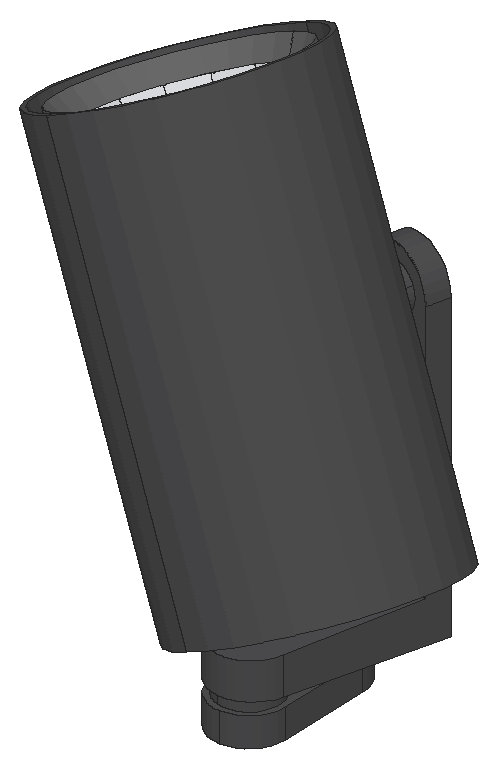
Revit family "Canilo", category Lighting Fixtures, host Face, Revit 2017 (continued)
Types (810, lengths in mm): name | system luminous flux | TK_Optic | TK_Body | System performance | SEO | ProductDataSheet | Mat | Luminaire colour | Lumen category | Lighting technology | Light colour | Lamp | IESFile | Cover / filter | CRI | Beam angle | Apparent Load
  CANILO  3P 01 LED4000-827 WFL-c ETDD 01 | 3395 lm | "10147535" | "10161685" | 32 VA | Oktalite_Canilo_WH2700 | "http://www.oktalite.com/datasheet_print.php?language=EN&productid=63&lampid=91" | Oktalite_Alu_RAL_9016 | "RAL 9016 traffic white" | "4000 lm" | "LED IQ" | "2700 K" | "LED IQ" | "CANILO_LED IQ_WFL.ies" | "clear" | "82" | "Wide Flood" | 32 VA
  CANILO  3P 01 LED4000-827 WFL  ETDD 01 | 3395 lm | "10147501" | "10161685" | 32 VA | Oktalite_Canilo_WH2700 | "http://www.oktalite.com/datasheet_print.php?language=EN&productid=63&lampid=91" | Oktalite_Alu_RAL_9016 | "RAL 9016 traffic white" | "4000 lm" | "LED IQ" | "2700 K" | "LED IQ" | "CANILO_LED IQ_WFL.ies" | "without" | "82" | "Wide Flood" | 32 VA
  CANILO  3P 01 LED4000-827 FL-c ETDD 01 | 3395 lm | "10127064" | "10161685" | 32 VA | Oktalite_Canilo_WH2700 | "http://www.oktalite.com/datasheet_print.php?language=EN&productid=63&lampid=91" | Oktalite_Alu_RAL_9016 | "RAL 9016 traffic white" | "4000 lm" | "LED IQ" | "2700 K" | "LED IQ" | "CANILO_LED IQ_FL.ies" | "clear" | "82" | "Flood" | 32 VA
  CANILO  3P 01 LED4000-827 FL  ETDD 01 | 3395 lm | "10125196" | "10161685" | 32 VA | Oktalite_Canilo_WH2700 | "http://www.oktalite.com/datasheet_print.php?language=EN&productid=63&lampid=91" | Oktalite_Alu_RAL_9016 | "RAL 9016 traffic white" | "4000 lm" | "LED IQ" | "2700 K" | "LED IQ" | "CANILO_LED IQ_FL.ies" | "without" | "82" | "Flood" | 32 VA
  CANILO  3P 01 LED4000-827 MF-c ETDD 01 | 3395 lm | "10127063" | "10161685" | 32 VA | Oktalite_Canilo_WH2700 | "http://www.oktalite.com/datasheet_print.php?language=EN&productid=63&lampid=91" | Oktalite_Alu_RAL_9016 | "RAL 9016 traffic white" | "4000 lm" | "LED IQ" | "2700 K" | "LED IQ" | "CANILO_LED IQ_MF.ies" | "clear" | "82" | "Medium Flood" | 32 VA
  CANILO  3P 01 LED4000-827 MF  ETDD 01 | 3395 lm | "10125193" | "10161685" | 32 VA | Oktalite_Canilo_WH2700 | "http://www.oktalite.com/datasheet_print.php?language=EN&productid=63&lampid=91" | Oktalite_Alu_RAL_9016 | "RAL 9016 traffic white" | "4000 lm" | "LED IQ" | "2700 K" | "LED IQ" | "CANILO_LED IQ_MF.ies" | "without" | "82" | "Medium Flood" | 32 VA
  CANILO  3P 01 LED4000-827 SP-c ETDD 01 | 3395 lm | "10127062" | "10161685" | 32 VA | Oktalite_Canilo_WH2700 | "http://www.oktalite.com/datasheet_print.php?language=EN&productid=63&lampid=91" | Oktalite_Alu_RAL_9016 | "RAL 9016 traffic white" | "4000 lm" | "LED IQ" | "2700 K" | "LED IQ" | "CANILO_LED IQ_SP.ies" | "clear" | "82" | "Spot" | 32 VA
  CANILO  3P 01 LED4000-827 SP  ETDD 01 | 3395 lm | "10125190" | "10161685" | 32 VA | Oktalite_Canilo_WH2700 | "http://www.oktalite.com/datasheet_print.php?language=EN&productid=63&lampid=91" | Oktalite_Alu_RAL_9016 | "RAL 9016 traffic white" | "4000 lm" | "LED IQ" | "2700 K" | "LED IQ" | "CANILO_LED IQ_SP.ies" | "without" | "82" | "Spot" | 32 VA
  CANILO  3P 05 LED1500-M VFL-c ET 05 | 1500 lm | "10147536" | "10161293" | 24 VA | Oktalite_Canilo_WH3100 | "http://www.oktalite.com/datasheet_print.php?language=EN&productid=63&lampid=81" | Oktalite_Alu_RAL_9005 | "RAL 9005 jet black" | "1500 lm" | "LED" | "M" | "LED" | "CANILO_LED_VFL.ies" | "clear" | "-" | "Very Wide Flood" | 24 VA
  CANILO  3P 05 LED1500-M VFL  ET 05 | 1500 lm | "10147502" | "10161293" | 24 VA | Oktalite_Canilo_WH3100 | "http://www.oktalite.com/datasheet_print.php?language=EN&productid=63&lampid=81" | Oktalite_Alu_RAL_9005 | "RAL 9005 jet black" | "1500 lm" | "LED" | "M" | "LED" | "CANILO_LED_VFL.ies" | "without" | "-" | "Very Wide Flood" | 24 VA
  CANILO  3P 05 LED1500-M WFL-c ET 05 | 1500 lm | "10147535" | "10161293" | 24 VA | Oktalite_Canilo_WH3100 | "http://www.oktalite.com/datasheet_print.php?language=EN&productid=63&lampid=81" | Oktalite_Alu_RAL_9005 | "RAL 9005 jet black" | "1500 lm" | "LED" | "M" | "LED" | "CANILO_LED_WFL.ies" | "clear" | "-" | "Wide Flood" | 24 VA
  CANILO  3P 05 LED1500-M WFL  ET 05 | 1500 lm | "10147501" | "10161293" | 24 VA | Oktalite_Canilo_WH3100 | "http://www.oktalite.com/datasheet_print.php?language=EN&productid=63&lampid=81" | Oktalite_Alu_RAL_9005 | "RAL 9005 jet black" | "1500 lm" | "LED" | "M" | "LED" | "CANILO_LED_WFL.ies" | "without" | "-" | "Wide Flood" | 24 VA
  CANILO  3P 05 LED1500-M FL-c ET 05 | 1500 lm | "10127064" | "10161293" | 24 VA | Oktalite_Canilo_WH3100 | "http://www.oktalite.com/datasheet_print.php?language=EN&productid=63&lampid=81" | Oktalite_Alu_RAL_9005 | "RAL 9005 jet black" | "1500 lm" | "LED" | "M" | "LED" | "CANILO_LED_FL.ies" | "clear" | "-" | "Flood" | 24 VA
  CANILO  3P 05 LED1500-M FL  ET 05 | 1500 lm | "10125196" | "10161293" | 24 VA | Oktalite_Canilo_WH3100 | "http://www.oktalite.com/datasheet_print.php?language=EN&productid=63&lampid=81" | Oktalite_Alu_RAL_9005 | "RAL 9005 jet black" | "1500 lm" | "LED" | "M" | "LED" | "CANILO_LED_FL.ies" | "without" | "-" | "Flood" | 24 VA
  CANILO  3P 05 LED1500-M MF-c ET 05 | 1500 lm | "10127063" | "10161293" | 24 VA | Oktalite_Canilo_WH3100 | "http://www.oktalite.com/datasheet_print.php?language=EN&productid=63&lampid=81" | Oktalite_Alu_RAL_9005 | "RAL 9005 jet black" | "1500 lm" | "LED" | "M" | "LED" | "CANILO_LED_MF.ies" | "clear" | "-" | "Medium Flood" | 24 VA
  CANILO  3P 05 LED1500-M MF  ET 05 | 1500 lm | "10125193" | "10161293" | 24 VA | Oktalite_Canilo_WH3100 | "http://www.oktalite.com/datasheet_print.php?language=EN&productid=63&lampid=81" | Oktalite_Alu_RAL_9005 | "RAL 9005 jet black" | "1500 lm" | "LED" | "M" | "LED" | "CANILO_LED_MF.ies" | "without" | "-" | "Medium Flood" | 24 VA
  CANILO  3P 05 LED1500-M SP-c ET 05 | 1500 lm | "10127062" | "10161293" | 24 VA | Oktalite_Canilo_WH3100 | "http://www.oktalite.com/datasheet_print.php?language=EN&productid=63&lampid=81" | Oktalite_Alu_RAL_9005 | "RAL 9005 jet black" | "1500 lm" | "LED" | "M" | "LED" | "CANILO_LED_SP.ies" | "clear" | "-" | "Spot" | 24 VA
  CANILO  3P 05 LED1500-M SP  ET 05 | 1500 lm | "10125190" | "10161293" | 24 VA | Oktalite_Canilo_WH3100 | "http://www.oktalite.com/datasheet_print.php?language=EN&productid=63&lampid=81" | Oktalite_Alu_RAL_9005 | "RAL 9005 jet black" | "1500 lm" | "LED" | "M" | "LED" | "CANILO_LED_SP.ies" | "without" | "-" | "Spot" | 24 VA
  CANILO  3P 05 LED1500-M VFL-c ET 03 | 1500 lm | "10147536" | "10161292" | 24 VA | Oktalite_Canilo_WH3100 | "http://www.oktalite.com/datasheet_print.php?language=EN&productid=63&lampid=81" | Oktalite_Alu_RAL_9006 | "RAL 9006 white aluminium" | "1500 lm" | "LED" | "M" | "LED" | "CANILO_LED_VFL.ies" | "clear" | "-" | "Very Wide Flood" | 24 VA
  CANILO  3P 05 LED1500-M VFL  ET 03 | 1500 lm | "10147502" | "10161292" | 24 VA | Oktalite_Canilo_WH3100 | "http://www.oktalite.com/datasheet_print.php?language=EN&productid=63&lampid=81" | Oktalite_Alu_RAL_9006 | "RAL 9006 white aluminium" | "1500 lm" | "LED" | "M" | "LED" | "CANILO_LED_VFL.ies" | "without" | "-" | "Very Wide Flood" | 24 VA
  CANILO  3P 05 LED1500-M WFL-c ET 03 | 1500 lm | "10147535" | "10161292" | 24 VA | Oktalite_Canilo_WH3100 | "http://www.oktalite.com/datasheet_print.php?language=EN&productid=63&lampid=81" | Oktalite_Alu_RAL_9006 | "RAL 9006 white aluminium" | "1500 lm" | "LED" | "M" | "LED" | "CANILO_LED_WFL.ies" | "clear" | "-" | "Wide Flood" | 24 VA
  CANILO  3P 05 LED1500-M WFL  ET 03 | 1500 lm | "10147501" | "10161292" | 24 VA | Oktalite_Canilo_WH3100 | "http://www.oktalite.com/datasheet_print.php?language=EN&productid=63&lampid=81" | Oktalite_Alu_RAL_9006 | "RAL 9006 white aluminium" | "1500 lm" | "LED" | "M" | "LED" | "CANILO_LED_WFL.ies" | "without" | "-" | "Wide Flood" | 24 VA
  CANILO  3P 05 LED1500-M FL-c ET 03 | 1500 lm | "10127064" | "10161292" | 24 VA | Oktalite_Canilo_WH3100 | "http://www.oktalite.com/datasheet_print.php?language=EN&productid=63&lampid=81" | Oktalite_Alu_RAL_9006 | "RAL 9006 white aluminium" | "1500 lm" | "LED" | "M" | "LED" | "CANILO_LED_FL.ies" | "clear" | "-" | "Flood" | 24 VA
  CANILO  3P 05 LED1500-M FL  ET 03 | 1500 lm | "10125196" | "10161292" | 24 VA | Oktalite_Canilo_WH3100 | "http://www.oktalite.com/datasheet_print.php?language=EN&productid=63&lampid=81" | Oktalite_Alu_RAL_9006 | "RAL 9006 white aluminium" | "1500 lm" | "LED" | "M" | "LED" | "CANILO_LED_FL.ies" | "without" | "-" | "Flood" | 24 VA
  CANILO  3P 05 LED1500-M MF-c ET 03 | 1500 lm | "10127063" | "10161292" | 24 VA | Oktalite_Canilo_WH3100 | "http://www.oktalite.com/datasheet_print.php?language=EN&productid=63&lampid=81" | Oktalite_Alu_RAL_9006 | "RAL 9006 white aluminium" | "1500 lm" | "LED" | "M" | "LED" | "CANILO_LED_MF.ies" | "clear" | "-" | "Medium Flood" | 24 VA
  CANILO  3P 05 LED1500-M MF  ET 03 | 1500 lm | "10125193" | "10161292" | 24 VA | Oktalite_Canilo_WH3100 | "http://www.oktalite.com/datasheet_print.php?language=EN&productid=63&lampid=81" | Oktalite_Alu_RAL_9006 | "RAL 9006 white aluminium" | "1500 lm" | "LED" | "M" | "LED" | "CANILO_LED_MF.ies" | "without" | "-" | "Medium Flood" | 24 VA
  CANILO  3P 05 LED1500-M SP-c ET 03 | 1500 lm | "10127062" | "10161292" | 24 VA | Oktalite_Canilo_WH3100 | "http://www.oktalite.com/datasheet_print.php?language=EN&productid=63&lampid=81" | Oktalite_Alu_RAL_9006 | "RAL 9006 white aluminium" | "1500 lm" | "LED" | "M" | "LED" | "CANILO_LED_SP.ies" | "clear" | "-" | "Spot" | 24 VA
  CANILO  3P 05 LED1500-M SP  ET 03 | 1500 lm | "10125190" | "10161292" | 24 VA | Oktalite_Canilo_WH3100 | "http://www.oktalite.com/datasheet_print.php?language=EN&productid=63&lampid=81" | Oktalite_Alu_RAL_9006 | "RAL 9006 white aluminium" | "1500 lm" | "LED" | "M" | "LED" | "CANILO_LED_SP.ies" | "without" | "-" | "Spot" | 24 VA
  CANILO  3P 01 LED1500-M VFL-c ET 01 | 1500 lm | "10147536" | "10161291" | 24 VA | Oktalite_Canilo_WH3100 | "http://www.oktalite.com/datasheet_print.php?language=EN&productid=63&lampid=81" | Oktalite_Alu_RAL_9016 | "RAL 9016 traffic white" | "1500 lm" | "LED" | "M" | "LED" | "CANILO_LED_VFL.ies" | "clear" | "-" | "Very Wide Flood" | 24 VA
  CANILO  3P 01 LED1500-M VFL  ET 01 | 1500 lm | "10147502" | "10161291" | 24 VA | Oktalite_Canilo_WH3100 | "http://www.oktalite.com/datasheet_print.php?language=EN&productid=63&lampid=81" | Oktalite_Alu_RAL_9016 | "RAL 9016 traffic white" | "1500 lm" | "LED" | "M" | "LED" | "CANILO_LED_VFL.ies" | "without" | "-" | "Very Wide Flood" | 24 VA
  CANILO  3P 01 LED1500-M WFL-c ET 01 | 1500 lm | "10147535" | "10161291" | 24 VA | Oktalite_Canilo_WH3100 | "http://www.oktalite.com/datasheet_print.php?language=EN&productid=63&lampid=81" | Oktalite_Alu_RAL_9016 | "RAL 9016 traffic white" | "1500 lm" | "LED" | "M" | "LED" | "CANILO_LED_WFL.ies" | "clear" | "-" | "Wide Flood" | 24 VA
  CANILO  3P 01 LED1500-M WFL  ET 01 | 1500 lm | "10147501" | "10161291" | 24 VA | Oktalite_Canilo_WH3100 | "http://www.oktalite.com/datasheet_print.php?language=EN&productid=63&lampid=81" | Oktalite_Alu_RAL_9016 | "RAL 9016 traffic white" | "1500 lm" | "LED" | "M" | "LED" | "CANILO_LED_WFL.ies" | "without" | "-" | "Wide Flood" | 24 VA
  CANILO  3P 01 LED1500-M FL-c ET 01 | 1500 lm | "10127064" | "10161291" | 24 VA | Oktalite_Canilo_WH3100 | "http://www.oktalite.com/datasheet_print.php?language=EN&productid=63&lampid=81" | Oktalite_Alu_RAL_9016 | "RAL 9016 traffic white" | "1500 lm" | "LED" | "M" | "LED" | "CANILO_LED_FL.ies" | "clear" | "-" | "Flood" | 24 VA
  CANILO  3P 01 LED1500-M FL  ET 01 | 1500 lm | "10125196" | "10161291" | 24 VA | Oktalite_Canilo_WH3100 | "http://www.oktalite.com/datasheet_print.php?language=EN&productid=63&lampid=81" | Oktalite_Alu_RAL_9016 | "RAL 9016 traffic white" | "1500 lm" | "LED" | "M" | "LED" | "CANILO_LED_FL.ies" | "without" | "-" | "Flood" | 24 VA
  CANILO  3P 01 LED1500-M MF-c ET 01 | 1500 lm | "10127063" | "10161291" | 24 VA | Oktalite_Canilo_WH3100 | "http://www.oktalite.com/datasheet_print.php?language=EN&productid=63&lampid=81" | Oktalite_Alu_RAL_9016 | "RAL 9016 traffic white" | "1500 lm" | "LED" | "M" | "LED" | "CANILO_LED_MF.ies" | "clear" | "-" | "Medium Flood" | 24 VA
  CANILO  3P 01 LED1500-M MF  ET 01 | 1500 lm | "10125193" | "10161291" | 24 VA | Oktalite_Canilo_WH3100 | "http://www.oktalite.com/datasheet_print.php?language=EN&productid=63&lampid=81" | Oktalite_Alu_RAL_9016 | "RAL 9016 traffic white" | "1500 lm" | "LED" | "M" | "LED" | "CANILO_LED_MF.ies" | "without" | "-" | "Medium Flood" | 24 VA
  CANILO  3P 01 LED1500-M SP-c ET 01 | 1500 lm | "10127062" | "10161291" | 24 VA | Oktalite_Canilo_WH3100 | "http://www.oktalite.com/datasheet_print.php?language=EN&productid=63&lampid=81" | Oktalite_Alu_RAL_9016 | "RAL 9016 traffic white" | "1500 lm" | "LED" | "M" | "LED" | "CANILO_LED_SP.ies" | "clear" | "-" | "Spot" | 24 VA
  CANILO  3P 01 LED1500-M SP  ET 01 | 1500 lm | "10125190" | "10161291" | 24 VA | Oktalite_Canilo_WH3100 | "http://www.oktalite.com/datasheet_print.php?language=EN&productid=63&lampid=81" | Oktalite_Alu_RAL_9016 | "RAL 9016 traffic white" | "1500 lm" | "LED" | "M" | "LED" | "CANILO_LED_SP.ies" | "without" | "-" | "Spot" | 24 VA
  CANILO  3P 05 LED1500-M+F VFL-c ET 05 | 1415 lm | "10147536" | "10161302" | 24 VA | Oktalite_Canilo_WH3100 | "http://www.oktalite.com/datasheet_print.php?language=EN&productid=63&lampid=81" | Oktalite_Alu_RAL_9005 | "RAL 9005 jet black" | "1500 lm" | "LED" | "M+F" | "LED" | "CANILO_LED_VFL.ies" | "clear" | "-" | "Very Wide Flood" | 24 VA
  CANILO  3P 05 LED1500-M+F VFL  ET 05 | 1415 lm | "10147502" | "10161302" | 24 VA | Oktalite_Canilo_WH3100 | "http://www.oktalite.com/datasheet_print.php?language=EN&productid=63&lampid=81" | Oktalite_Alu_RAL_9005 | "RAL 9005 jet black" | "1500 lm" | "LED" | "M+F" | "LED" | "CANILO_LED_VFL.ies" | "without" | "-" | "Very Wide Flood" | 24 VA
  CANILO  3P 05 LED1500-M+F WFL-c ET 05 | 1415 lm | "10147535" | "10161302" | 24 VA | Oktalite_Canilo_WH3100 | "http://www.oktalite.com/datasheet_print.php?language=EN&productid=63&lampid=81" | Oktalite_Alu_RAL_9005 | "RAL 9005 jet black" | "1500 lm" | "LED" | "M+F" | "LED" | "CANILO_LED_WFL.ies" | "clear" | "-" | "Wide Flood" | 24 VA
  CANILO  3P 05 LED1500-M+F WFL  ET 05 | 1415 lm | "10147501" | "10161302" | 24 VA | Oktalite_Canilo_WH3100 | "http://www.oktalite.com/datasheet_print.php?language=EN&productid=63&lampid=81" | Oktalite_Alu_RAL_9005 | "RAL 9005 jet black" | "1500 lm" | "LED" | "M+F" | "LED" | "CANILO_LED_WFL.ies" | "without" | "-" | "Wide Flood" | 24 VA
  CANILO  3P 05 LED1500-M+F FL-c ET 05 | 1415 lm | "10127064" | "10161302" | 24 VA | Oktalite_Canilo_WH3100 | "http://www.oktalite.com/datasheet_print.php?language=EN&productid=63&lampid=81" | Oktalite_Alu_RAL_9005 | "RAL 9005 jet black" | "1500 lm" | "LED" | "M+F" | "LED" | "CANILO_LED_FL.ies" | "clear" | "-" | "Flood" | 24 VA
  CANILO  3P 05 LED1500-M+F FL  ET 05 | 1415 lm | "10125196" | "10161302" | 24 VA | Oktalite_Canilo_WH3100 | "http://www.oktalite.com/datasheet_print.php?language=EN&productid=63&lampid=81" | Oktalite_Alu_RAL_9005 | "RAL 9005 jet black" | "1500 lm" | "LED" | "M+F" | "LED" | "CANILO_LED_FL.ies" | "without" | "-" | "Flood" | 24 VA
  CANILO  3P 05 LED1500-M+F MF-c ET 05 | 1415 lm | "10127063" | "10161302" | 24 VA | Oktalite_Canilo_WH3100 | "http://www.oktalite.com/datasheet_print.php?language=EN&productid=63&lampid=81" | Oktalite_Alu_RAL_9005 | "RAL 9005 jet black" | "1500 lm" | "LED" | "M+F" | "LED" | "CANILO_LED_MF.ies" | "clear" | "-" | "Medium Flood" | 24 VA
  CANILO  3P 05 LED1500-M+F MF  ET 05 | 1415 lm | "10125193" | "10161302" | 24 VA | Oktalite_Canilo_WH3100 | "http://www.oktalite.com/datasheet_print.php?language=EN&productid=63&lampid=81" | Oktalite_Alu_RAL_9005 | "RAL 9005 jet black" | "1500 lm" | "LED" | "M+F" | "LED" | "CANILO_LED_MF.ies" | "without" | "-" | "Medium Flood" | 24 VA
  CANILO  3P 05 LED1500-M+F SP-c ET 05 | 1415 lm | "10127062" | "10161302" | 24 VA | Oktalite_Canilo_WH3100 | "http://www.oktalite.com/datasheet_print.php?language=EN&productid=63&lampid=81" | Oktalite_Alu_RAL_9005 | "RAL 9005 jet black" | "1500 lm" | "LED" | "M+F" | "LED" | "CANILO_LED_SP.ies" | "clear" | "-" | "Spot" | 24 VA
  CANILO  3P 05 LED1500-M+F SP  ET 05 | 1415 lm | "10125190" | "10161302" | 24 VA | Oktalite_Canilo_WH3100 | "http://www.oktalite.com/datasheet_print.php?language=EN&productid=63&lampid=81" | Oktalite_Alu_RAL_9005 | "RAL 9005 jet black" | "1500 lm" | "LED" | "M+F" | "LED" | "CANILO_LED_SP.ies" | "without" | "-" | "Spot" | 24 VA
  CANILO  3P 05 LED1500-M+F VFL-c ET 03 | 1415 lm | "10147536" | "10161301" | 24 VA | Oktalite_Canilo_WH3100 | "http://www.oktalite.com/datasheet_print.php?language=EN&productid=63&lampid=81" | Oktalite_Alu_RAL_9006 | "RAL 9006 white aluminium" | "1500 lm" | "LED" | "M+F" | "LED" | "CANILO_LED_VFL.ies" | "clear" | "-" | "Very Wide Flood" | 24 VA
  CANILO  3P 05 LED1500-M+F VFL  ET 03 | 1415 lm | "10147502" | "10161301" | 24 VA | Oktalite_Canilo_WH3100 | "http://www.oktalite.com/datasheet_print.php?language=EN&productid=63&lampid=81" | Oktalite_Alu_RAL_9006 | "RAL 9006 white aluminium" | "1500 lm" | "LED" | "M+F" | "LED" | "CANILO_LED_VFL.ies" | "without" | "-" | "Very Wide Flood" | 24 VA
  CANILO  3P 05 LED1500-M+F WFL-c ET 03 | 1415 lm | "10147535" | "10161301" | 24 VA | Oktalite_Canilo_WH3100 | "http://www.oktalite.com/datasheet_print.php?language=EN&productid=63&lampid=81" | Oktalite_Alu_RAL_9006 | "RAL 9006 white aluminium" | "1500 lm" | "LED" | "M+F" | "LED" | "CANILO_LED_WFL.ies" | "clear" | "-" | "Wide Flood" | 24 VA
  CANILO  3P 05 LED1500-M+F WFL  ET 03 | 1415 lm | "10147501" | "10161301" | 24 VA | Oktalite_Canilo_WH3100 | "http://www.oktalite.com/datasheet_print.php?language=EN&productid=63&lampid=81" | Oktalite_Alu_RAL_9006 | "RAL 9006 white aluminium" | "1500 lm" | "LED" | "M+F" | "LED" | "CANILO_LED_WFL.ies" | "without" | "-" | "Wide Flood" | 24 VA
  CANILO  3P 05 LED1500-M+F FL-c ET 03 | 1415 lm | "10127064" | "10161301" | 24 VA | Oktalite_Canilo_WH3100 | "http://www.oktalite.com/datasheet_print.php?language=EN&productid=63&lampid=81" | Oktalite_Alu_RAL_9006 | "RAL 9006 white aluminium" | "1500 lm" | "LED" | "M+F" | "LED" | "CANILO_LED_FL.ies" | "clear" | "-" | "Flood" | 24 VA
  CANILO  3P 05 LED1500-M+F FL  ET 03 | 1415 lm | "10125196" | "10161301" | 24 VA | Oktalite_Canilo_WH3100 | "http://www.oktalite.com/datasheet_print.php?language=EN&productid=63&lampid=81" | Oktalite_Alu_RAL_9006 | "RAL 9006 white aluminium" | "1500 lm" | "LED" | "M+F" | "LED" | "CANILO_LED_FL.ies" | "without" | "-" | "Flood" | 24 VA
  CANILO  3P 05 LED1500-M+F MF-c ET 03 | 1415 lm | "10127063" | "10161301" | 24 VA | Oktalite_Canilo_WH3100 | "http://www.oktalite.com/datasheet_print.php?language=EN&productid=63&lampid=81" | Oktalite_Alu_RAL_9006 | "RAL 9006 white aluminium" | "1500 lm" | "LED" | "M+F" | "LED" | "CANILO_LED_MF.ies" | "clear" | "-" | "Medium Flood" | 24 VA
  CANILO  3P 05 LED1500-M+F MF  ET 03 | 1415 lm | "10125193" | "10161301" | 24 VA | Oktalite_Canilo_WH3100 | "http://www.oktalite.com/datasheet_print.php?language=EN&productid=63&lampid=81" | Oktalite_Alu_RAL_9006 | "RAL 9006 white aluminium" | "1500 lm" | "LED" | "M+F" | "LED" | "CANILO_LED_MF.ies" | "without" | "-" | "Medium Flood" | 24 VA
  CANILO  3P 05 LED1500-M+F SP-c ET 03 | 1415 lm | "10127062" | "10161301" | 24 VA | Oktalite_Canilo_WH3100 | "http://www.oktalite.com/datasheet_print.php?language=EN&productid=63&lampid=81" | Oktalite_Alu_RAL_9006 | "RAL 9006 white aluminium" | "1500 lm" | "LED" | "M+F" | "LED" | "CANILO_LED_SP.ies" | "clear" | "-" | "Spot" | 24 VA
  CANILO  3P 05 LED1500-M+F SP  ET 03 | 1415 lm | "10125190" | "10161301" | 24 VA | Oktalite_Canilo_WH3100 | "http://www.oktalite.com/datasheet_print.php?language=EN&productid=63&lampid=81" | Oktalite_Alu_RAL_9006 | "RAL 9006 white aluminium" | "1500 lm" | "LED" | "M+F" | "LED" | "CANILO_LED_SP.ies" | "without" | "-" | "Spot" | 24 VA
  CANILO  3P 01 LED1500-M+F VFL-c ET 01 | 1415 lm | "10147536" | "10161300" | 24 VA | Oktalite_Canilo_WH3100 | "http://www.oktalite.com/datasheet_print.php?language=EN&productid=63&lampid=81" | Oktalite_Alu_RAL_9016 | "RAL 9016 traffic white" | "1500 lm" | "LED" | "M+F" | "LED" | "CANILO_LED_VFL.ies" | "clear" | "-" | "Very Wide Flood" | 24 VA
  CANILO  3P 01 LED1500-M+F VFL  ET 01 | 1415 lm | "10147502" | "10161300" | 24 VA | Oktalite_Canilo_WH3100 | "http://www.oktalite.com/datasheet_print.php?language=EN&productid=63&lampid=81" | Oktalite_Alu_RAL_9016 | "RAL 9016 traffic white" | "1500 lm" | "LED" | "M+F" | "LED" | "CANILO_LED_VFL.ies" | "without" | "-" | "Very Wide Flood" | 24 VA
  CANILO  3P 01 LED1500-M+F WFL-c ET 01 | 1415 lm | "10147535" | "10161300" | 24 VA | Oktalite_Canilo_WH3100 | "http://www.oktalite.com/datasheet_print.php?language=EN&productid=63&lampid=81" | Oktalite_Alu_RAL_9016 | "RAL 9016 traffic white" | "1500 lm" | "LED" | "M+F" | "LED" | "CANILO_LED_WFL.ies" | "clear" | "-" | "Wide Flood" | 24 VA
  CANILO  3P 01 LED1500-M+F WFL  ET 01 | 1415 lm | "10147501" | "10161300" | 24 VA | Oktalite_Canilo_WH3100 | "http://www.oktalite.com/datasheet_print.php?language=EN&productid=63&lampid=81" | Oktalite_Alu_RAL_9016 | "RAL 9016 traffic white" | "1500 lm" | "LED" | "M+F" | "LED" | "CANILO_LED_WFL.ies" | "without" | "-" | "Wide Flood" | 24 VA
  CANILO  3P 01 LED1500-M+F FL-c ET 01 | 1415 lm | "10127064" | "10161300" | 24 VA | Oktalite_Canilo_WH3100 | "http://www.oktalite.com/datasheet_print.php?language=EN&productid=63&lampid=81" | Oktalite_Alu_RAL_9016 | "RAL 9016 traffic white" | "1500 lm" | "LED" | "M+F" | "LED" | "CANILO_LED_FL.ies" | "clear" | "-" | "Flood" | 24 VA
  CANILO  3P 01 LED1500-M+F FL  ET 01 | 1415 lm | "10125196" | "10161300" | 24 VA | Oktalite_Canilo_WH3100 | "http://www.oktalite.com/datasheet_print.php?language=EN&productid=63&lampid=81" | Oktalite_Alu_RAL_9016 | "RAL 9016 traffic white" | "1500 lm" | "LED" | "M+F" | "LED" | "CANILO_LED_FL.ies" | "without" | "-" | "Flood" | 24 VA
  CANILO  3P 01 LED1500-M+F MF-c ET 01 | 1415 lm | "10127063" | "10161300" | 24 VA | Oktalite_Canilo_WH3100 | "http://www.oktalite.com/datasheet_print.php?language=EN&productid=63&lampid=81" | Oktalite_Alu_RAL_9016 | "RAL 9016 traffic white" | "1500 lm" | "LED" | "M+F" | "LED" | "CANILO_LED_MF.ies" | "clear" | "-" | "Medium Flood" | 24 VA
  CANILO  3P 01 LED1500-M+F MF  ET 01 | 1415 lm | "10125193" | "10161300" | 24 VA | Oktalite_Canilo_WH3100 | "http://www.oktalite.com/datasheet_print.php?language=EN&productid=63&lampid=81" | Oktalite_Alu_RAL_9016 | "RAL 9016 traffic white" | "1500 lm" | "LED" | "M+F" | "LED" | "CANILO_LED_MF.ies" | "without" | "-" | "Medium Flood" | 24 VA
  CANILO  3P 01 LED1500-M+F SP-c ET 01 | 1415 lm | "10127062" | "10161300" | 24 VA | Oktalite_Canilo_WH3100 | "http://www.oktalite.com/datasheet_print.php?language=EN&productid=63&lampid=81" | Oktalite_Alu_RAL_9016 | "RAL 9016 traffic white" | "1500 lm" | "LED" | "M+F" | "LED" | "CANILO_LED_SP.ies" | "clear" | "-" | "Spot" | 24 VA
  CANILO  3P 01 LED1500-M+F SP  ET 01 | 1415 lm | "10125190" | "10161300" | 24 VA | Oktalite_Canilo_WH3100 | "http://www.oktalite.com/datasheet_print.php?language=EN&productid=63&lampid=81" | Oktalite_Alu_RAL_9016 | "RAL 9016 traffic white" | "1500 lm" | "LED" | "M+F" | "LED" | "CANILO_LED_SP.ies" | "without" | "-" | "Spot" | 24 VA
  CANILO  3P 05 LED2000-M VFL-c ET 05 | 1890 lm | "10147536" | "10161296" | 31 VA | Oktalite_Canilo_WH3100 | "http://www.oktalite.com/datasheet_print.php?language=EN&productid=63&lampid=81" | Oktalite_Alu_RAL_9005 | "RAL 9005 jet black" | "2000 lm" | "LED" | "M" | "LED" | "CANILO_LED_VFL.ies" | "clear" | "-" | "Very Wide Flood" | 31 VA
  CANILO  3P 05 LED2000-M VFL  ET 05 | 1890 lm | "10147502" | "10161296" | 31 VA | Oktalite_Canilo_WH3100 | "http://www.oktalite.com/datasheet_print.php?language=EN&productid=63&lampid=81" | Oktalite_Alu_RAL_9005 | "RAL 9005 jet black" | "2000 lm" | "LED" | "M" | "LED" | "CANILO_LED_VFL.ies" | "without" | "-" | "Very Wide Flood" | 31 VA
  CANILO  3P 05 LED2000-M WFL-c ET 05 | 1890 lm | "10147535" | "10161296" | 31 VA | Oktalite_Canilo_WH3100 | "http://www.oktalite.com/datasheet_print.php?language=EN&productid=63&lampid=81" | Oktalite_Alu_RAL_9005 | "RAL 9005 jet black" | "2000 lm" | "LED" | "M" | "LED" | "CANILO_LED_WFL.ies" | "clear" | "-" | "Wide Flood" | 31 VA
  CANILO  3P 05 LED2000-M WFL  ET 05 | 1890 lm | "10147501" | "10161296" | 31 VA | Oktalite_Canilo_WH3100 | "http://www.oktalite.com/datasheet_print.php?language=EN&productid=63&lampid=81" | Oktalite_Alu_RAL_9005 | "RAL 9005 jet black" | "2000 lm" | "LED" | "M" | "LED" | "CANILO_LED_WFL.ies" | "without" | "-" | "Wide Flood" | 31 VA
  CANILO  3P 05 LED2000-M FL-c ET 05 | 1890 lm | "10127064" | "10161296" | 31 VA | Oktalite_Canilo_WH3100 | "http://www.oktalite.com/datasheet_print.php?language=EN&productid=63&lampid=81" | Oktalite_Alu_RAL_9005 | "RAL 9005 jet black" | "2000 lm" | "LED" | "M" | "LED" | "CANILO_LED_FL.ies" | "clear" | "-" | "Flood" | 31 VA
  CANILO  3P 05 LED2000-M FL  ET 05 | 1890 lm | "10125196" | "10161296" | 31 VA | Oktalite_Canilo_WH3100 | "http://www.oktalite.com/datasheet_print.php?language=EN&productid=63&lampid=81" | Oktalite_Alu_RAL_9005 | "RAL 9005 jet black" | "2000 lm" | "LED" | "M" | "LED" | "CANILO_LED_FL.ies" | "without" | "-" | "Flood" | 31 VA
  CANILO  3P 05 LED2000-M MF-c ET 05 | 1890 lm | "10127063" | "10161296" | 31 VA | Oktalite_Canilo_WH3100 | "http://www.oktalite.com/datasheet_print.php?language=EN&productid=63&lampid=81" | Oktalite_Alu_RAL_9005 | "RAL 9005 jet black" | "2000 lm" | "LED" | "M" | "LED" | "CANILO_LED_MF.ies" | "clear" | "-" | "Medium Flood" | 31 VA
  CANILO  3P 05 LED2000-M MF  ET 05 | 1890 lm | "10125193" | "10161296" | 31 VA | Oktalite_Canilo_WH3100 | "http://www.oktalite.com/datasheet_print.php?language=EN&productid=63&lampid=81" | Oktalite_Alu_RAL_9005 | "RAL 9005 jet black" | "2000 lm" | "LED" | "M" | "LED" | "CANILO_LED_MF.ies" | "without" | "-" | "Medium Flood" | 31 VA
  CANILO  3P 05 LED2000-M SP-c ET 05 | 1890 lm | "10127062" | "10161296" | 31 VA | Oktalite_Canilo_WH3100 | "http://www.oktalite.com/datasheet_print.php?language=EN&productid=63&lampid=81" | Oktalite_Alu_RAL_9005 | "RAL 9005 jet black" | "2000 lm" | "LED" | "M" | "LED" | "CANILO_LED_SP.ies" | "clear" | "-" | "Spot" | 31 VA
  CANILO  3P 05 LED2000-M SP  ET 05 | 1890 lm | "10125190" | "10161296" | 31 VA | Oktalite_Canilo_WH3100 | "http://www.oktalite.com/datasheet_print.php?language=EN&productid=63&lampid=81" | Oktalite_Alu_RAL_9005 | "RAL 9005 jet black" | "2000 lm" | "LED" | "M" | "LED" | "CANILO_LED_SP.ies" | "without" | "-" | "Spot" | 31 VA
  CANILO  3P 05 LED2000-M VFL-c ET 03 | 1890 lm | "10147536" | "10161295" | 31 VA | Oktalite_Canilo_WH3100 | "http://www.oktalite.com/datasheet_print.php?language=EN&productid=63&lampid=81" | Oktalite_Alu_RAL_9006 | "RAL 9006 white aluminium" | "2000 lm" | "LED" | "M" | "LED" | "CANILO_LED_VFL.ies" | "clear" | "-" | "Very Wide Flood" | 31 VA
  CANILO  3P 05 LED2000-M VFL  ET 03 | 1890 lm | "10147502" | "10161295" | 31 VA | Oktalite_Canilo_WH3100 | "http://www.oktalite.com/datasheet_print.php?language=EN&productid=63&lampid=81" | Oktalite_Alu_RAL_9006 | "RAL 9006 white aluminium" | "2000 lm" | "LED" | "M" | "LED" | "CANILO_LED_VFL.ies" | "without" | "-" | "Very Wide Flood" | 31 VA
  CANILO  3P 05 LED2000-M WFL-c ET 03 | 1890 lm | "10147535" | "10161295" | 31 VA | Oktalite_Canilo_WH3100 | "http://www.oktalite.com/datasheet_print.php?language=EN&productid=63&lampid=81" | Oktalite_Alu_RAL_9006 | "RAL 9006 white aluminium" | "2000 lm" | "LED" | "M" | "LED" | "CANILO_LED_WFL.ies" | "clear" | "-" | "Wide Flood" | 31 VA
  CANILO  3P 05 LED2000-M WFL  ET 03 | 1890 lm | "10147501" | "10161295" | 31 VA | Oktalite_Canilo_WH3100 | "http://www.oktalite.com/datasheet_print.php?language=EN&productid=63&lampid=81" | Oktalite_Alu_RAL_9006 | "RAL 9006 white aluminium" | "2000 lm" | "LED" | "M" | "LED" | "CANILO_LED_WFL.ies" | "without" | "-" | "Wide Flood" | 31 VA
  CANILO  3P 05 LED2000-M FL-c ET 03 | 1890 lm | "10127064" | "10161295" | 31 VA | Oktalite_Canilo_WH3100 | "http://www.oktalite.com/datasheet_print.php?language=EN&productid=63&lampid=81" | Oktalite_Alu_RAL_9006 | "RAL 9006 white aluminium" | "2000 lm" | "LED" | "M" | "LED" | "CANILO_LED_FL.ies" | "clear" | "-" | "Flood" | 31 VA
  CANILO  3P 05 LED2000-M FL  ET 03 | 1890 lm | "10125196" | "10161295" | 31 VA | Oktalite_Canilo_WH3100 | "http://www.oktalite.com/datasheet_print.php?language=EN&productid=63&lampid=81" | Oktalite_Alu_RAL_9006 | "RAL 9006 white aluminium" | "2000 lm" | "LED" | "M" | "LED" | "CANILO_LED_FL.ies" | "without" | "-" | "Flood" | 31 VA
  CANILO  3P 05 LED2000-M MF-c ET 03 | 1890 lm | "10127063" | "10161295" | 31 VA | Oktalite_Canilo_WH3100 | "http://www.oktalite.com/datasheet_print.php?language=EN&productid=63&lampid=81" | Oktalite_Alu_RAL_9006 | "RAL 9006 white aluminium" | "2000 lm" | "LED" | "M" | "LED" | "CANILO_LED_MF.ies" | "clear" | "-" | "Medium Flood" | 31 VA
  CANILO  3P 05 LED2000-M MF  ET 03 | 1890 lm | "10125193" | "10161295" | 31 VA | Oktalite_Canilo_WH3100 | "http://www.oktalite.com/datasheet_print.php?language=EN&productid=63&lampid=81" | Oktalite_Alu_RAL_9006 | "RAL 9006 white aluminium" | "2000 lm" | "LED" | "M" | "LED" | "CANILO_LED_MF.ies" | "without" | "-" | "Medium Flood" | 31 VA
  CANILO  3P 05 LED2000-M SP-c ET 03 | 1890 lm | "10127062" | "10161295" | 31 VA | Oktalite_Canilo_WH3100 | "http://www.oktalite.com/datasheet_print.php?language=EN&productid=63&lampid=81" | Oktalite_Alu_RAL_9006 | "RAL 9006 white aluminium" | "2000 lm" | "LED" | "M" | "LED" | "CANILO_LED_SP.ies" | "clear" | "-" | "Spot" | 31 VA
  CANILO  3P 05 LED2000-M SP  ET 03 | 1890 lm | "10125190" | "10161295" | 31 VA | Oktalite_Canilo_WH3100 | "http://www.oktalite.com/datasheet_print.php?language=EN&productid=63&lampid=81" | Oktalite_Alu_RAL_9006 | "RAL 9006 white aluminium" | "2000 lm" | "LED" | "M" | "LED" | "CANILO_LED_SP.ies" | "without" | "-" | "Spot" | 31 VA
  CANILO  3P 01 LED2000-M VFL-c ET 01 | 1890 lm | "10147536" | "10161294" | 31 VA | Oktalite_Canilo_WH3100 | "http://www.oktalite.com/datasheet_print.php?language=EN&productid=63&lampid=81" | Oktalite_Alu_RAL_9016 | "RAL 9016 traffic white" | "2000 lm" | "LED" | "M" | "LED" | "CANILO_LED_VFL.ies" | "clear" | "-" | "Very Wide Flood" | 31 VA
  CANILO  3P 01 LED2000-M VFL  ET 01 | 1890 lm | "10147502" | "10161294" | 31 VA | Oktalite_Canilo_WH3100 | "http://www.oktalite.com/datasheet_print.php?language=EN&productid=63&lampid=81" | Oktalite_Alu_RAL_9016 | "RAL 9016 traffic white" | "2000 lm" | "LED" | "M" | "LED" | "CANILO_LED_VFL.ies" | "without" | "-" | "Very Wide Flood" | 31 VA
  CANILO  3P 01 LED2000-M WFL-c ET 01 | 1890 lm | "10147535" | "10161294" | 31 VA | Oktalite_Canilo_WH3100 | "http://www.oktalite.com/datasheet_print.php?language=EN&productid=63&lampid=81" | Oktalite_Alu_RAL_9016 | "RAL 9016 traffic white" | "2000 lm" | "LED" | "M" | "LED" | "CANILO_LED_WFL.ies" | "clear" | "-" | "Wide Flood" | 31 VA
  CANILO  3P 01 LED2000-M WFL  ET 01 | 1890 lm | "10147501" | "10161294" | 31 VA | Oktalite_Canilo_WH3100 | "http://www.oktalite.com/datasheet_print.php?language=EN&productid=63&lampid=81" | Oktalite_Alu_RAL_9016 | "RAL 9016 traffic white" | "2000 lm" | "LED" | "M" | "LED" | "CANILO_LED_WFL.ies" | "without" | "-" | "Wide Flood" | 31 VA
  CANILO  3P 01 LED2000-M FL-c ET 01 | 1890 lm | "10127064" | "10161294" | 31 VA | Oktalite_Canilo_WH3100 | "http://www.oktalite.com/datasheet_print.php?language=EN&productid=63&lampid=81" | Oktalite_Alu_RAL_9016 | "RAL 9016 traffic white" | "2000 lm" | "LED" | "M" | "LED" | "CANILO_LED_FL.ies" | "clear" | "-" | "Flood" | 31 VA
  CANILO  3P 01 LED2000-M FL  ET 01 | 1890 lm | "10125196" | "10161294" | 31 VA | Oktalite_Canilo_WH3100 | "http://www.oktalite.com/datasheet_print.php?language=EN&productid=63&lampid=81" | Oktalite_Alu_RAL_9016 | "RAL 9016 traffic white" | "2000 lm" | "LED" | "M" | "LED" | "CANILO_LED_FL.ies" | "without" | "-" | "Flood" | 31 VA
  CANILO  3P 01 LED2000-M MF-c ET 01 | 1890 lm | "10127063" | "10161294" | 31 VA | Oktalite_Canilo_WH3100 | "http://www.oktalite.com/datasheet_print.php?language=EN&productid=63&lampid=81" | Oktalite_Alu_RAL_9016 | "RAL 9016 traffic white" | "2000 lm" | "LED" | "M" | "LED" | "CANILO_LED_MF.ies" | "clear" | "-" | "Medium Flood" | 31 VA
  CANILO  3P 01 LED2000-M MF  ET 01 | 1890 lm | "10125193" | "10161294" | 31 VA | Oktalite_Canilo_WH3100 | "http://www.oktalite.com/datasheet_print.php?language=EN&productid=63&lampid=81" | Oktalite_Alu_RAL_9016 | "RAL 9016 traffic white" | "2000 lm" | "LED" | "M" | "LED" | "CANILO_LED_MF.ies" | "without" | "-" | "Medium Flood" | 31 VA
  CANILO  3P 01 LED2000-M SP-c ET 01 | 1890 lm | "10127062" | "10161294" | 31 VA | Oktalite_Canilo_WH3100 | "http://www.oktalite.com/datasheet_print.php?language=EN&productid=63&lampid=81" | Oktalite_Alu_RAL_9016 | "RAL 9016 traffic white" | "2000 lm" | "LED" | "M" | "LED" | "CANILO_LED_SP.ies" | "clear" | "-" | "Spot" | 31 VA
  CANILO  3P 01 LED2000-M SP  ET 01 | 1890 lm | "10125190" | "10161294" | 31 VA | Oktalite_Canilo_WH3100 | "http://www.oktalite.com/datasheet_print.php?language=EN&productid=63&lampid=81" | Oktalite_Alu_RAL_9016 | "RAL 9016 traffic white" | "2000 lm" | "LED" | "M" | "LED" | "CANILO_LED_SP.ies" | "without" | "-" | "Spot" | 31 VA
  CANILO  3P 05 LED2000-M+F VFL-c ET 05 | 1785 lm | "10147536" | "10161305" | 31 VA | Oktalite_Canilo_WH3100 | "http://www.oktalite.com/datasheet_print.php?language=EN&productid=63&lampid=81" | Oktalite_Alu_RAL_9005 | "RAL 9005 jet black" | "2000 lm" | "LED" | "M+F" | "LED" | "CANILO_LED_VFL.ies" | "clear" | "-" | "Very Wide Flood" | 31 VA
  CANILO  3P 05 LED2000-M+F VFL  ET 05 | 1785 lm | "10147502" | "10161305" | 31 VA | Oktalite_Canilo_WH3100 | "http://www.oktalite.com/datasheet_print.php?language=EN&productid=63&lampid=81" | Oktalite_Alu_RAL_9005 | "RAL 9005 jet black" | "2000 lm" | "LED" | "M+F" | "LED" | "CANILO_LED_VFL.ies" | "without" | "-" | "Very Wide Flood" | 31 VA
  CANILO  3P 05 LED2000-M+F WFL-c ET 05 | 1785 lm | "10147535" | "10161305" | 31 VA | Oktalite_Canilo_WH3100 | "http://www.oktalite.com/datasheet_print.php?language=EN&productid=63&lampid=81" | Oktalite_Alu_RAL_9005 | "RAL 9005 jet black" | "2000 lm" | "LED" | "M+F" | "LED" | "CANILO_LED_WFL.ies" | "clear" | "-" | "Wide Flood" | 31 VA
  CANILO  3P 05 LED2000-M+F WFL  ET 05 | 1785 lm | "10147501" | "10161305" | 31 VA | Oktalite_Canilo_WH3100 | "http://www.oktalite.com/datasheet_print.php?language=EN&productid=63&lampid=81" | Oktalite_Alu_RAL_9005 | "RAL 9005 jet black" | "2000 lm" | "LED" | "M+F" | "LED" | "CANILO_LED_WFL.ies" | "without" | "-" | "Wide Flood" | 31 VA
  CANILO  3P 05 LED2000-M+F FL-c ET 05 | 1785 lm | "10127064" | "10161305" | 31 VA | Oktalite_Canilo_WH3100 | "http://www.oktalite.com/datasheet_print.php?language=EN&productid=63&lampid=81" | Oktalite_Alu_RAL_9005 | "RAL 9005 jet black" | "2000 lm" | "LED" | "M+F" | "LED" | "CANILO_LED_FL.ies" | "clear" | "-" | "Flood" | 31 VA
  CANILO  3P 05 LED2000-M+F FL  ET 05 | 1785 lm | "10125196" | "10161305" | 31 VA | Oktalite_Canilo_WH3100 | "http://www.oktalite.com/datasheet_print.php?language=EN&productid=63&lampid=81" | Oktalite_Alu_RAL_9005 | "RAL 9005 jet black" | "2000 lm" | "LED" | "M+F" | "LED" | "CANILO_LED_FL.ies" | "without" | "-" | "Flood" | 31 VA
  CANILO  3P 05 LED2000-M+F MF-c ET 05 | 1785 lm | "10127063" | "10161305" | 31 VA | Oktalite_Canilo_WH3100 | "http://www.oktalite.com/datasheet_print.php?language=EN&productid=63&lampid=81" | Oktalite_Alu_RAL_9005 | "RAL 9005 jet black" | "2000 lm" | "LED" | "M+F" | "LED" | "CANILO_LED_MF.ies" | "clear" | "-" | "Medium Flood" | 31 VA
  CANILO  3P 05 LED2000-M+F MF  ET 05 | 1785 lm | "10125193" | "10161305" | 31 VA | Oktalite_Canilo_WH3100 | "http://www.oktalite.com/datasheet_print.php?language=EN&productid=63&lampid=81" | Oktalite_Alu_RAL_9005 | "RAL 9005 jet black" | "2000 lm" | "LED" | "M+F" | "LED" | "CANILO_LED_MF.ies" | "without" | "-" | "Medium Flood" | 31 VA
  CANILO  3P 05 LED2000-M+F SP-c ET 05 | 1785 lm | "10127062" | "10161305" | 31 VA | Oktalite_Canilo_WH3100 | "http://www.oktalite.com/datasheet_print.php?language=EN&productid=63&lampid=81" | Oktalite_Alu_RAL_9005 | "RAL 9005 jet black" | "2000 lm" | "LED" | "M+F" | "LED" | "CANILO_LED_SP.ies" | "clear" | "-" | "Spot" | 31 VA
  CANILO  3P 05 LED2000-M+F SP  ET 05 | 1785 lm | "10125190" | "10161305" | 31 VA | Oktalite_Canilo_WH3100 | "http://www.oktalite.com/datasheet_print.php?language=EN&productid=63&lampid=81" | Oktalite_Alu_RAL_9005 | "RAL 9005 jet black" | "2000 lm" | "LED" | "M+F" | "LED" | "CANILO_LED_SP.ies" | "without" | "-" | "Spot" | 31 VA
  CANILO  3P 05 LED2000-M+F VFL-c ET 03 | 1785 lm | "10147536" | "10161304" | 31 VA | Oktalite_Canilo_WH3100 | "http://www.oktalite.com/datasheet_print.php?language=EN&productid=63&lampid=81" | Oktalite_Alu_RAL_9006 | "RAL 9006 white aluminium" | "2000 lm" | "LED" | "M+F" | "LED" | "CANILO_LED_VFL.ies" | "clear" | "-" | "Very Wide Flood" | 31 VA
  CANILO  3P 05 LED2000-M+F VFL  ET 03 | 1785 lm | "10147502" | "10161304" | 31 VA | Oktalite_Canilo_WH3100 | "http://www.oktalite.com/datasheet_print.php?language=EN&productid=63&lampid=81" | Oktalite_Alu_RAL_9006 | "RAL 9006 white aluminium" | "2000 lm" | "LED" | "M+F" | "LED" | "CANILO_LED_VFL.ies" | "without" | "-" | "Very Wide Flood" | 31 VA
  CANILO  3P 05 LED2000-M+F WFL-c ET 03 | 1785 lm | "10147535" | "10161304" | 31 VA | Oktalite_Canilo_WH3100 | "http://www.oktalite.com/datasheet_print.php?language=EN&productid=63&lampid=81" | Oktalite_Alu_RAL_9006 | "RAL 9006 white aluminium" | "2000 lm" | "LED" | "M+F" | "LED" | "CANILO_LED_WFL.ies" | "clear" | "-" | "Wide Flood" | 31 VA
  CANILO  3P 05 LED2000-M+F WFL  ET 03 | 1785 lm | "10147501" | "10161304" | 31 VA | Oktalite_Canilo_WH3100 | "http://www.oktalite.com/datasheet_print.php?language=EN&productid=63&lampid=81" | Oktalite_Alu_RAL_9006 | "RAL 9006 white aluminium" | "2000 lm" | "LED" | "M+F" | "LED" | "CANILO_LED_WFL.ies" | "without" | "-" | "Wide Flood" | 31 VA
  CANILO  3P 05 LED2000-M+F FL-c ET 03 | 1785 lm | "10127064" | "10161304" | 31 VA | Oktalite_Canilo_WH3100 | "http://www.oktalite.com/datasheet_print.php?language=EN&productid=63&lampid=81" | Oktalite_Alu_RAL_9006 | "RAL 9006 white aluminium" | "2000 lm" | "LED" | "M+F" | "LED" | "CANILO_LED_FL.ies" | "clear" | "-" | "Flood" | 31 VA
  CANILO  3P 05 LED2000-M+F FL  ET 03 | 1785 lm | "10125196" | "10161304" | 31 VA | Oktalite_Canilo_WH3100 | "http://www.oktalite.com/datasheet_print.php?language=EN&productid=63&lampid=81" | Oktalite_Alu_RAL_9006 | "RAL 9006 white aluminium" | "2000 lm" | "LED" | "M+F" | "LED" | "CANILO_LED_FL.ies" | "without" | "-" | "Flood" | 31 VA
  CANILO  3P 05 LED2000-M+F MF-c ET 03 | 1785 lm | "10127063" | "10161304" | 31 VA | Oktalite_Canilo_WH3100 | "http://www.oktalite.com/datasheet_print.php?language=EN&productid=63&lampid=81" | Oktalite_Alu_RAL_9006 | "RAL 9006 white aluminium" | "2000 lm" | "LED" | "M+F" | "LED" | "CANILO_LED_MF.ies" | "clear" | "-" | "Medium Flood" | 31 VA
  CANILO  3P 05 LED2000-M+F MF  ET 03 | 1785 lm | "10125193" | "10161304" | 31 VA | Oktalite_Canilo_WH3100 | "http://www.oktalite.com/datasheet_print.php?language=EN&productid=63&lampid=81" | Oktalite_Alu_RAL_9006 | "RAL 9006 white aluminium" | "2000 lm" | "LED" | "M+F" | "LED" | "CANILO_LED_MF.ies" | "without" | "-" | "Medium Flood" | 31 VA
  CANILO  3P 05 LED2000-M+F SP-c ET 03 | 1785 lm | "10127062" | "10161304" | 31 VA | Oktalite_Canilo_WH3100 | "http://www.oktalite.com/datasheet_print.php?language=EN&productid=63&lampid=81" | Oktalite_Alu_RAL_9006 | "RAL 9006 white aluminium" | "2000 lm" | "LED" | "M+F" | "LED" | "CANILO_LED_SP.ies" | "clear" | "-" | "Spot" | 31 VA
  CANILO  3P 05 LED2000-M+F SP  ET 03 | 1785 lm | "10125190" | "10161304" | 31 VA | Oktalite_Canilo_WH3100 | "http://www.oktalite.com/datasheet_print.php?language=EN&productid=63&lampid=81" | Oktalite_Alu_RAL_9006 | "RAL 9006 white aluminium" | "2000 lm" | "LED" | "M+F" | "LED" | "CANILO_LED_SP.ies" | "without" | "-" | "Spot" | 31 VA
  CANILO  3P 01 LED2000-M+F VFL-c ET 01 | 1785 lm | "10147536" | "10161303" | 31 VA | Oktalite_Canilo_WH3100 | "http://www.oktalite.com/datasheet_print.php?language=EN&productid=63&lampid=81" | Oktalite_Alu_RAL_9016 | "RAL 9016 traffic white" | "2000 lm" | "LED" | "M+F" | "LED" | "CANILO_LED_VFL.ies" | "clear" | "-" | "Very Wide Flood" | 31 VA
  CANILO  3P 01 LED2000-M+F VFL  ET 01 | 1785 lm | "10147502" | "10161303" | 31 VA | Oktalite_Canilo_WH3100 | "http://www.oktalite.com/datasheet_print.php?language=EN&productid=63&lampid=81" | Oktalite_Alu_RAL_9016 | "RAL 9016 traffic white" | "2000 lm" | "LED" | "M+F" | "LED" | "CANILO_LED_VFL.ies" | "without" | "-" | "Very Wide Flood" | 31 VA
  CANILO  3P 01 LED2000-M+F WFL-c ET 01 | 1785 lm | "10147535" | "10161303" | 31 VA | Oktalite_Canilo_WH3100 | "http://www.oktalite.com/datasheet_print.php?language=EN&productid=63&lampid=81" | Oktalite_Alu_RAL_9016 | "RAL 9016 traffic white" | "2000 lm" | "LED" | "M+F" | "LED" | "CANILO_LED_WFL.ies" | "clear" | "-" | "Wide Flood" | 31 VA
  CANILO  3P 01 LED2000-M+F WFL  ET 01 | 1785 lm | "10147501" | "10161303" | 31 VA | Oktalite_Canilo_WH3100 | "http://www.oktalite.com/datasheet_print.php?language=EN&productid=63&lampid=81" | Oktalite_Alu_RAL_9016 | "RAL 9016 traffic white" | "2000 lm" | "LED" | "M+F" | "LED" | "CANILO_LED_WFL.ies" | "without" | "-" | "Wide Flood" | 31 VA
  CANILO  3P 01 LED2000-M+F FL-c ET 01 | 1785 lm | "10127064" | "10161303" | 31 VA | Oktalite_Canilo_WH3100 | "http://www.oktalite.com/datasheet_print.php?language=EN&productid=63&lampid=81" | Oktalite_Alu_RAL_9016 | "RAL 9016 traffic white" | "2000 lm" | "LED" | "M+F" | "LED" | "CANILO_LED_FL.ies" | "clear" | "-" | "Flood" | 31 VA
  CANILO  3P 01 LED2000-M+F FL  ET 01 | 1785 lm | "10125196" | "10161303" | 31 VA | Oktalite_Canilo_WH3100 | "http://www.oktalite.com/datasheet_print.php?language=EN&productid=63&lampid=81" | Oktalite_Alu_RAL_9016 | "RAL 9016 traffic white" | "2000 lm" | "LED" | "M+F" | "LED" | "CANILO_LED_FL.ies" | "without" | "-" | "Flood" | 31 VA
  CANILO  3P 01 LED2000-M+F MF-c ET 01 | 1785 lm | "10127063" | "10161303" | 31 VA | Oktalite_Canilo_WH3100 | "http://www.oktalite.com/datasheet_print.php?language=EN&productid=63&lampid=81" | Oktalite_Alu_RAL_9016 | "RAL 9016 traffic white" | "2000 lm" | "LED" | "M+F" | "LED" | "CANILO_LED_MF.ies" | "clear" | "-" | "Medium Flood" | 31 VA
  CANILO  3P 01 LED2000-M+F MF  ET 01 | 1785 lm | "10125193" | "10161303" | 31 VA | Oktalite_Canilo_WH3100 | "http://www.oktalite.com/datasheet_print.php?language=EN&productid=63&lampid=81" | Oktalite_Alu_RAL_9016 | "RAL 9016 traffic white" | "2000 lm" | "LED" | "M+F" | "LED" | "CANILO_LED_MF.ies" | "without" | "-" | "Medium Flood" | 31 VA
  CANILO  3P 01 LED2000-M+F SP-c ET 01 | 1785 lm | "10127062" | "10161303" | 31 VA | Oktalite_Canilo_WH3100 | "http://www.oktalite.com/datasheet_print.php?language=EN&productid=63&lampid=81" | Oktalite_Alu_RAL_9016 | "RAL 9016 traffic white" | "2000 lm" | "LED" | "M+F" | "LED" | "CANILO_LED_SP.ies" | "clear" | "-" | "Spot" | 31 VA
  CANILO  3P 01 LED2000-M+F SP  ET 01 | 1785 lm | "10125190" | "10161303" | 31 VA | Oktalite_Canilo_WH3100 | "http://www.oktalite.com/datasheet_print.php?language=EN&productid=63&lampid=81" | Oktalite_Alu_RAL_9016 | "RAL 9016 traffic white" | "2000 lm" | "LED" | "M+F" | "LED" | "CANILO_LED_SP.ies" | "without" | "-" | "Spot" | 31 VA
  CANILO  3P 05 LED2000-BVC VFL-c ET 05 | 1955 lm | "10147536" | "10161311" | 20 VA | Oktalite_Canilo_WH3100 | "http://www.oktalite.com/datasheet_print.php?language=EN&productid=63&lampid=81" | Oktalite_Alu_RAL_9005 | "RAL 9005 jet black" | "2000 lm" | "LED" | "B+V+C" | "LED" | "CANILO_LED_VFL.ies" | "clear" | "-" | "Very Wide Flood" | 20 VA
  CANILO  3P 05 LED2000-BVC VFL  ET 05 | 1955 lm | "10147502" | "10161311" | 20 VA | Oktalite_Canilo_WH3100 | "http://www.oktalite.com/datasheet_print.php?language=EN&productid=63&lampid=81" | Oktalite_Alu_RAL_9005 | "RAL 9005 jet black" | "2000 lm" | "LED" | "B+V+C" | "LED" | "CANILO_LED_VFL.ies" | "without" | "-" | "Very Wide Flood" | 20 VA
  CANILO  3P 05 LED2000-BVC WFL-c ET 05 | 1955 lm | "10147535" | "10161311" | 20 VA | Oktalite_Canilo_WH3100 | "http://www.oktalite.com/datasheet_print.php?language=EN&productid=63&lampid=81" | Oktalite_Alu_RAL_9005 | "RAL 9005 jet black" | "2000 lm" | "LED" | "B+V+C" | "LED" | "CANILO_LED_WFL.ies" | "clear" | "-" | "Wide Flood" | 20 VA
  CANILO  3P 05 LED2000-BVC WFL  ET 05 | 1955 lm | "10147501" | "10161311" | 20 VA | Oktalite_Canilo_WH3100 | "http://www.oktalite.com/datasheet_print.php?language=EN&productid=63&lampid=81" | Oktalite_Alu_RAL_9005 | "RAL 9005 jet black" | "2000 lm" | "LED" | "B+V+C" | "LED" | "CANILO_LED_WFL.ies" | "without" | "-" | "Wide Flood" | 20 VA
  CANILO  3P 05 LED2000-BVC FL-c ET 05 | 1955 lm | "10127064" | "10161311" | 20 VA | Oktalite_Canilo_WH3100 | "http://www.oktalite.com/datasheet_print.php?language=EN&productid=63&lampid=81" | Oktalite_Alu_RAL_9005 | "RAL 9005 jet black" | "2000 lm" | "LED" | "B+V+C" | "LED" | "CANILO_LED_FL.ies" | "clear" | "-" | "Flood" | 20 VA
  CANILO  3P 05 LED2000-BVC FL  ET 05 | 1955 lm | "10125196" | "10161311" | 20 VA | Oktalite_Canilo_WH3100 | "http://www.oktalite.com/datasheet_print.php?language=EN&productid=63&lampid=81" | Oktalite_Alu_RAL_9005 | "RAL 9005 jet black" | "2000 lm" | "LED" | "B+V+C" | "LED" | "CANILO_LED_FL.ies" | "without" | "-" | "Flood" | 20 VA
  CANILO  3P 05 LED2000-BVC MF-c ET 05 | 1955 lm | "10127063" | "10161311" | 20 VA | Oktalite_Canilo_WH3100 | "http://www.oktalite.com/datasheet_print.php?language=EN&productid=63&lampid=81" | Oktalite_Alu_RAL_9005 | "RAL 9005 jet black" | "2000 lm" | "LED" | "B+V+C" | "LED" | "CANILO_LED_MF.ies" | "clear" | "-" | "Medium Flood" | 20 VA
  CANILO  3P 05 LED2000-BVC MF  ET 05 | 1955 lm | "10125193" | "10161311" | 20 VA | Oktalite_Canilo_WH3100 | "http://www.oktalite.com/datasheet_print.php?language=EN&productid=63&lampid=81" | Oktalite_Alu_RAL_9005 | "RAL 9005 jet black" | "2000 lm" | "LED" | "B+V+C" | "LED" | "CANILO_LED_MF.ies" | "without" | "-" | "Medium Flood" | 20 VA
  CANILO  3P 05 LED2000-BVC SP-c ET 05 | 1955 lm | "10127062" | "10161311" | 20 VA | Oktalite_Canilo_WH3100 | "http://www.oktalite.com/datasheet_print.php?language=EN&productid=63&lampid=81" | Oktalite_Alu_RAL_9005 | "RAL 9005 jet black" | "2000 lm" | "LED" | "B+V+C" | "LED" | "CANILO_LED_SP.ies" | "clear" | "-" | "Spot" | 20 VA
  CANILO  3P 05 LED2000-BVC SP  ET 05 | 1955 lm | "10125190" | "10161311" | 20 VA | Oktalite_Canilo_WH3100 | "http://www.oktalite.com/datasheet_print.php?language=EN&productid=63&lampid=81" | Oktalite_Alu_RAL_9005 | "RAL 9005 jet black" | "2000 lm" | "LED" | "B+V+C" | "LED" | "CANILO_LED_SP.ies" | "without" | "-" | "Spot" | 20 VA
  CANILO  3P 05 LED2000-BVC VFL-c ET 03 | 1955 lm | "10147536" | "10161310" | 20 VA | Oktalite_Canilo_WH3100 | "http://www.oktalite.com/datasheet_print.php?language=EN&productid=63&lampid=81" | Oktalite_Alu_RAL_9006 | "RAL 9006 white aluminium" | "2000 lm" | "LED" | "B+V+C" | "LED" | "CANILO_LED_VFL.ies" | "clear" | "-" | "Very Wide Flood" | 20 VA
  CANILO  3P 05 LED2000-BVC VFL  ET 03 | 1955 lm | "10147502" | "10161310" | 20 VA | Oktalite_Canilo_WH3100 | "http://www.oktalite.com/datasheet_print.php?language=EN&productid=63&lampid=81" | Oktalite_Alu_RAL_9006 | "RAL 9006 white aluminium" | "2000 lm" | "LED" | "B+V+C" | "LED" | "CANILO_LED_VFL.ies" | "without" | "-" | "Very Wide Flood" | 20 VA
  CANILO  3P 05 LED2000-BVC WFL-c ET 03 | 1955 lm | "10147535" | "10161310" | 20 VA | Oktalite_Canilo_WH3100 | "http://www.oktalite.com/datasheet_print.php?language=EN&productid=63&lampid=81" | Oktalite_Alu_RAL_9006 | "RAL 9006 white aluminium" | "2000 lm" | "LED" | "B+V+C" | "LED" | "CANILO_LED_WFL.ies" | "clear" | "-" | "Wide Flood" | 20 VA
  CANILO  3P 05 LED2000-BVC WFL  ET 03 | 1955 lm | "10147501" | "10161310" | 20 VA | Oktalite_Canilo_WH3100 | "http://www.oktalite.com/datasheet_print.php?language=EN&productid=63&lampid=81" | Oktalite_Alu_RAL_9006 | "RAL 9006 white aluminium" | "2000 lm" | "LED" | "B+V+C" | "LED" | "CANILO_LED_WFL.ies" | "without" | "-" | "Wide Flood" | 20 VA
  CANILO  3P 05 LED2000-BVC FL-c ET 03 | 1955 lm | "10127064" | "10161310" | 20 VA | Oktalite_Canilo_WH3100 | "http://www.oktalite.com/datasheet_print.php?language=EN&productid=63&lampid=81" | Oktalite_Alu_RAL_9006 | "RAL 9006 white aluminium" | "2000 lm" | "LED" | "B+V+C" | "LED" | "CANILO_LED_FL.ies" | "clear" | "-" | "Flood" | 20 VA
  CANILO  3P 05 LED2000-BVC FL  ET 03 | 1955 lm | "10125196" | "10161310" | 20 VA | Oktalite_Canilo_WH3100 | "http://www.oktalite.com/datasheet_print.php?language=EN&productid=63&lampid=81" | Oktalite_Alu_RAL_9006 | "RAL 9006 white aluminium" | "2000 lm" | "LED" | "B+V+C" | "LED" | "CANILO_LED_FL.ies" | "without" | "-" | "Flood" | 20 VA
  CANILO  3P 05 LED2000-BVC MF-c ET 03 | 1955 lm | "10127063" | "10161310" | 20 VA | Oktalite_Canilo_WH3100 | "http://www.oktalite.com/datasheet_print.php?language=EN&productid=63&lampid=81" | Oktalite_Alu_RAL_9006 | "RAL 9006 white aluminium" | "2000 lm" | "LED" | "B+V+C" | "LED" | "CANILO_LED_MF.ies" | "clear" | "-" | "Medium Flood" | 20 VA
  CANILO  3P 05 LED2000-BVC MF  ET 03 | 1955 lm | "10125193" | "10161310" | 20 VA | Oktalite_Canilo_WH3100 | "http://www.oktalite.com/datasheet_print.php?language=EN&productid=63&lampid=81" | Oktalite_Alu_RAL_9006 | "RAL 9006 white aluminium" | "2000 lm" | "LED" | "B+V+C" | "LED" | "CANILO_LED_MF.ies" | "without" | "-" | "Medium Flood" | 20 VA
  CANILO  3P 05 LED2000-BVC SP-c ET 03 | 1955 lm | "10127062" | "10161310" | 20 VA | Oktalite_Canilo_WH3100 | "http://www.oktalite.com/datasheet_print.php?language=EN&productid=63&lampid=81" | Oktalite_Alu_RAL_9006 | "RAL 9006 white aluminium" | "2000 lm" | "LED" | "B+V+C" | "LED" | "CANILO_LED_SP.ies" | "clear" | "-" | "Spot" | 20 VA
  CANILO  3P 05 LED2000-BVC SP  ET 03 | 1955 lm | "10125190" | "10161310" | 20 VA | Oktalite_Canilo_WH3100 | "http://www.oktalite.com/datasheet_print.php?language=EN&productid=63&lampid=81" | Oktalite_Alu_RAL_9006 | "RAL 9006 white aluminium" | "2000 lm" | "LED" | "B+V+C" | "LED" | "CANILO_LED_SP.ies" | "without" | "-" | "Spot" | 20 VA
  CANILO  3P 01 LED2000-BVC VFL-c ET 01 | 1955 lm | "10147536" | "10161309" | 20 VA | Oktalite_Canilo_WH3100 | "http://www.oktalite.com/datasheet_print.php?language=EN&productid=63&lampid=81" | Oktalite_Alu_RAL_9016 | "RAL 9016 traffic white" | "2000 lm" | "LED" | "B+V+C" | "LED" | "CANILO_LED_VFL.ies" | "clear" | "-" | "Very Wide Flood" | 20 VA
  CANILO  3P 01 LED2000-BVC VFL  ET 01 | 1955 lm | "10147502" | "10161309" | 20 VA | Oktalite_Canilo_WH3100 | "http://www.oktalite.com/datasheet_print.php?language=EN&productid=63&lampid=81" | Oktalite_Alu_RAL_9016 | "RAL 9016 traffic white" | "2000 lm" | "LED" | "B+V+C" | "LED" | "CANILO_LED_VFL.ies" | "without" | "-" | "Very Wide Flood" | 20 VA
  CANILO  3P 01 LED2000-BVC WFL-c ET 01 | 1955 lm | "10147535" | "10161309" | 20 VA | Oktalite_Canilo_WH3100 | "http://www.oktalite.com/datasheet_print.php?language=EN&productid=63&lampid=81" | Oktalite_Alu_RAL_9016 | "RAL 9016 traffic white" | "2000 lm" | "LED" | "B+V+C" | "LED" | "CANILO_LED_WFL.ies" | "clear" | "-" | "Wide Flood" | 20 VA
  CANILO  3P 01 LED2000-BVC WFL  ET 01 | 1955 lm | "10147501" | "10161309" | 20 VA | Oktalite_Canilo_WH3100 | "http://www.oktalite.com/datasheet_print.php?language=EN&productid=63&lampid=81" | Oktalite_Alu_RAL_9016 | "RAL 9016 traffic white" | "2000 lm" | "LED" | "B+V+C" | "LED" | "CANILO_LED_WFL.ies" | "without" | "-" | "Wide Flood" | 20 VA
  CANILO  3P 01 LED2000-BVC FL-c ET 01 | 1955 lm | "10127064" | "10161309" | 20 VA | Oktalite_Canilo_WH3100 | "http://www.oktalite.com/datasheet_print.php?language=EN&productid=63&lampid=81" | Oktalite_Alu_RAL_9016 | "RAL 9016 traffic white" | "2000 lm" | "LED" | "B+V+C" | "LED" | "CANILO_LED_FL.ies" | "clear" | "-" | "Flood" | 20 VA
